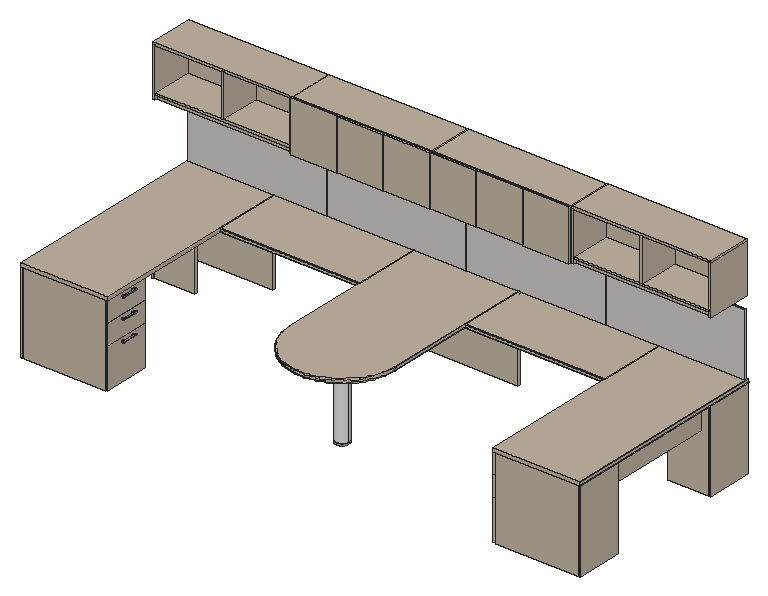
Revit family "JSI-Vision-Typical_Laminate-VST115", category Furniture, Revit 2020 (continued)
Definition of nested family "JSI-Vision-Bullet_Peninsula_Desk"
  Forms (in)
    Extrusion 5, solid, material <- "Support Finish"
      sketch origin (0, -20, 0) x (1, 0, 0) y (0, 0, 1)
        loop
          line (7.67342, 27.81089) -> (10.2082, 27.81089) -> (10.2082, 28) -> (7.67503, 28)
          arc (7.67503, 28) -> (7.54348, 27.97383) -> (7.43196, 27.89932) r 0.34375
      from -1.5005 to -0.5005
  Cuts and joins
    joined: Extrusion 1, Sweep 3
  Lines and regions (in)
    symbolic lines
      curve 1: line (0.875, -15.374, 0) -> (9.875, -15.374, 0)
      curve 2: line (9.875, -15.374, 0) -> (9.875, -14.624, 0)
      curve 3: line (9.875, -14.624, 0) -> (0.875, -14.624, 0)
      curve 7: line (0, 0, 0) -> (51, 0, 0)
      curve 8: line (0, -29.999, 0) -> (0, 0, 0)
      curve 9: line (51, -29.999, 0) -> (0, -29.999, 0)
      curve 10: arc (51, 0, 0) -> (65.9995, -14.9995, 0) -> (51, -29.999, 0) r 14.9995
      curve 11: line (0.125, -0.187, 0) -> (0.875, -0.187, 0)
      curve 12: line (0.125, -29.811, 0) -> (0.125, -0.187, 0)
      curve 13: line (0.875, -29.811, 0) -> (0.125, -29.811, 0)
      curve 14: line (0.875, -0.187, 0) -> (0.875, -29.811, 0)
    sketch lines
      curve 4: line (0, -29.874, 29.1875) -> (51.001, -29.874, 29.1875)
      curve 5: arc (51.001, -0.125, 29.1875) -> (65.8755, -14.9995, 29.1875) -> (51.001, -29.874, 29.1875) r 14.8745
      curve 6: line (51.001, -0.125, 29.1875) -> (0, -0.125, 29.1875)
  Dimensions and locks (in)
    "Width": plane 3 "Center Left/Right" to plane 5
    "Depth": plane 7 to plane 1 "Center Front/Back"
    "Height": plane 6 to plane 4
    locked: Extrusion 1 to Extrusion 1 at 1.1875
    equal spacing: plane 7, plane 8, plane 1 "Center Front/Back"
    equal spacing: plane 3 "Center Left/Right", plane 9, plane 5
    locked: plane 3 "Center Left/Right" to plane 10 at 0.875
    locked: Extrusion 2 to Extrusion 2 at 0.75
    equal spacing: plane 12, plane 8, plane 11, locked at 0.375 each
    locked: plane 11 to plane 8 at 0.375
    locked: Extrusion 1 sketch curve to plane 5 at 0.1245
    locked: curve 10 to plane 5 at 0.0005
    "leg Pstn": plane 13 to plane 5
    plane 6 to Extrusion 4 sketch curve to Extrusion 4 sketch curve to Extrusion 4 sketch curve to Extrusion 4 sketch curve to Extrusion 4 sketch curve = 1 3/16" locked, 0.18911" locked, 5/32" locked, 6.45426" locked, 2.5327" locked
    plane 10 to Extrusion 4 sketch curve to Extrusion 4 sketch curve to Extrusion 4 sketch curve to Extrusion 4 sketch curve = 0.18999" locked, 0.15278" locked, 6.45565" locked, 2.53478" locked
    plane 6 to Extrusion 5 sketch curve to Extrusion 5 sketch curve to Extrusion 5 sketch curve to Extrusion 5 sketch curve to Extrusion 5 sketch curve = 1 3/16" locked, 0.18911" locked, 5/32" locked, 6.45426" locked, 2.5327" locked
    plane 10 to Extrusion 5 sketch curve to Extrusion 5 sketch curve to Extrusion 5 sketch curve to Extrusion 5 sketch curve = 0.18999" locked, 0.15278" locked, 6.45565" locked, 2.53478" locked
    Extrusion 4 to Extrusion 4 to plane 8 to Extrusion 5 to Extrusion 5 = 1" locked, 3 1/2" locked, 3 1/2" locked, 1" locked
    aligned and locked: level to plane 2
    aligned and locked: Extrusion 1 to plane 3 "Center Left/Right"
    aligned and locked: curve 7 to cut or joined group of Extrusion 1, Sweep 3
    aligned and locked: curve 8 to cut or joined group of Extrusion 1, Sweep 3
    aligned and locked: curve 9 to plane 7
    aligned and locked: Extrusion 4 sketch curve to Extrusion 2
  Automatic sketch dimensions
    curve 14 to plane 10 = 0"
    plane 3 "Center Left/Right" to curve 12 = 1/8"
    curve 1 to plane 12 = 0.0005"
    curve 1 to plane 10 = 9"
    curve 14 to plane 7 = 0.188"
    plane 11 to curve 2 = 0.0005"
    plane 1 "Center Front/Back" to curve 11 = 0.187"
    Extrusion 1 sketch curve to plane 8 = 0"
    Extrusion 1 sketch curve to plane 3 "Center Left/Right" = 0"
    Extrusion 1 sketch curve to plane 13 = 0.0005"
    Extrusion 2 sketch curve to level = 0"
    Extrusion 2 sketch curve to plane 7 = 0.188"
    plane 1 "Center Front/Back" to Extrusion 2 sketch curve = 0.187"
    Extrusion 2 sketch curve to plane 6 = 1 3/16"
    Sweep 3 sketch curve to profile plane = 0"  (x2)
    profile plane to Sweep 3 sketch curve = 1/8"
    Sweep 3 sketch curve to Sweep 3 sketch curve = 15/16"
    Extrusion 4 sketch curve to plane 10 = 0.10039"
    Extrusion 4 sketch curve to Extrusion 4 sketch curve = 0.04535"
    Extrusion 4 sketch curve to Extrusion 4 sketch curve = 0.00205"
    Extrusion 4 sketch curve to plane 6 = 1.28818"
    Extrusion 4 sketch curve to Extrusion 4 sketch curve = 0.24146"
    Extrusion 4 sketch curve to plane 6 = 1.42237"
    Extrusion 4 sketch curve to Extrusion 4 sketch curve = 0.00161"
    Extrusion 4 sketch curve to Extrusion 4 sketch curve = 0.00267"
    plane 10 to Extrusion 5 sketch curve = 0"
    Extrusion 5 sketch curve to plane 10 = 0.10039"
    Extrusion 5 sketch curve to Extrusion 5 sketch curve = 0.04535"
    Extrusion 5 sketch curve to Extrusion 5 sketch curve = 0.00205"
    Extrusion 5 sketch curve to plane 6 = 1.28818"
    Extrusion 5 sketch curve to Extrusion 5 sketch curve = 0.24146"
    Extrusion 5 sketch curve to Extrusion 5 sketch curve = 0.11049"
    Extrusion 5 sketch curve to Extrusion 5 sketch curve = 0.00161"
    Extrusion 5 sketch curve to Extrusion 5 sketch curve = 0.00267"
Definition of nested family "JSI-Vision_Modular_Bridge_Top"
  Parameters (values of type "Type Catalog")
    Worksurface = none
    Width = 36"
    URL = "www.jsifurniture.com"
    Type Comments = ""
    Series = "Vision Casegoods"  # constant formula
    Model = "Type Catalog"
    Material = ""
    Manufacturer = "JSI"  # constant formula
    Keynote = "12500"
    JSI Enviromental Website = "http://www.jsifurniture.com/jsi_sustainability_intro.php"
    Height = 30"
    Grommet Finish = none
    Description = "Type Catalog"
    Depth = 20"
    Default Elevation = 0"
    Assembly Code = "E2020200"
  Reference planes (in)
    plane 1: z = 0
    plane 2 "Center (Left/Right)": x = -36.06413
    plane 3: z = 30
    plane 4: z = 28.8125
    plane 5: y = -9.25
    plane 6 "Center (Front/Back)": y = 10.75
    plane 7: x = -18.06413
    plane 8: x = -0.06413
    plane 9: y = 7.8125
  Forms (in)
    Extrusion 1, solid, material <- "Worksurface"
      sketch origin (-36.06413, 0, 0) x (0, 1, 0) y (0, 0, 1)
        loop
          line (10.75, 28.8125) -> (10.75, 30) -> (-9.125, 30)
          arc (-9.125, 30) -> (-9.21339, 29.96339) -> (-9.25, 29.875) r 0.125
          line (-9.25, 29.875) -> (-9.25, 28.9375)
          arc (-9.25, 28.9375) -> (-9.21339, 28.84911) -> (-9.125, 28.8125) r 0.125
          line (-9.125, 28.8125) -> (10.75, 28.8125)
      from 0 to 36
  Lines and regions (in)
    symbolic lines
      curve 1: line (-36.06413, 10.75, 0) -> (-36.06413, -9.25, 0)
      curve 2: line (-0.06413, 10.75, 0) -> (-36.06413, 10.75, 0)
      curve 3: line (-0.06413, -9.25, 0) -> (-0.06413, 10.75, 0)
      curve 4: line (-36.06413, -9.25, 0) -> (-0.06413, -9.25, 0)
  Dimensions and locks (in)
    "Height": plane 3 to level
    locked: plane 3 to plane 4 at 1.1875
    equal spacing: plane 2 "Center (Left/Right)", plane 7, plane 8
    "Width": plane 2 "Center (Left/Right)" to plane 8
    "Depth": plane 5 to plane 6 "Center (Front/Back)"
    locked: plane 6 "Center (Front/Back)" to plane 9 at 2.9375
    aligned and locked: level to plane 1
    aligned and locked: Extrusion 1 to plane 8
    aligned and locked: curve 1 to Extrusion 1
    aligned and locked: curve 2 to Extrusion 1
    aligned and locked: curve 3 to Extrusion 1
    aligned and locked: curve 4 to plane 5
  Automatic sketch dimensions
    Extrusion 1 sketch curve to plane 5 = 0"
    Extrusion 1 sketch curve to plane 3 = 0"
    Extrusion 1 sketch curve to plane 4 = 0"
    Extrusion 1 sketch curve to plane 6 "Center (Front/Back)" = 0"
    Extrusion 1 sketch curve to Extrusion 1 sketch curve = 1/8"
    plane 5 to Extrusion 1 sketch curve = 1/8"
    curve 1 to plane 2 "Center (Left/Right)" = 0"
    plane 6 "Center (Front/Back)" to curve 3 = 0"
    curve 4 to plane 8 = 0"
Definition of nested family "JSI-Vision-Adj_Bridge_Modesty"
  Parameters (values of type "Modesty for Adj Bridge - Type Catalog Family")
    Width = 40"
    URL = "www.jsifurniture.com"
    Type Comments = ""
    Series = "Vision Casegoods"  # constant formula
    JSI Enviromental Website = "http://www.jsifurniture.com/jsi_sustainability_intro.php"
    Panel = none
    Height-Panel = 9"
    Height = 30"
    Default Elevation = 0"
    Bracket = none
    Model = "Type Catalog"
    Material = ""
    Manufacturer = "JSI"  # constant formula
    Keynote = "12500"  # constant formula
    Description = "Type Catalog"
    Assembly Code = "E2020200"
  Reference planes (in)
    plane 1 "Center Front/Back": y = 0
    plane 2: z = 0
    plane 3 "Center Left/Right": x = 0
    plane 4: z = 30
    plane 5: y = -0.75
    plane 6: x = 20
    plane 7: x = 40
    plane 8: z = 28.8125
    plane 9: x = 8.375
    plane 10: x = 31.625
    plane 11: z = 19.8125
  Forms (in)
    Extrusion 1, solid, material <- "Panel"
      sketch origin (-12, -1, 0) x (1, 0, 0) y (0, 0, -1)
        loop
          line (12, -28.8125) -> (52, -28.8125) -> (52, -19.8125) -> (12, -19.8125) -> (12, -28.8125)
      from 0.25 to 1
    Extrusion 2, solid, material <- "Bracket", detail levels medium+fine
      sketch origin (-12, -1, 0) x (0, -1, 0) y (0, 0, -1)
        loop
          line (1, -28.8125) -> (1, -28.6875) -> (-0.125, -28.6875) -> (-0.125, -22.8125) -> (-0.25, -22.8125) -> (-0.25, -28.8125) -> (1, -28.8125)
      from 20 to 20.75
    Extrusion 3, solid, material <- "Bracket", detail levels medium+fine
      sketch origin (11.625, -1, 0) x (0, -1, 0) y (0, 0, -1)
        loop
          line (1, -28.8125) -> (1, -28.6875) -> (-0.125, -28.6875) -> (-0.125, -22.8125) -> (-0.25, -22.8125) -> (-0.25, -28.8125) -> (1, -28.8125)
      from 8 to 8.75
    Extrusion 4, solid, material <- "Bracket", detail levels medium+fine
      sketch origin (35.25, -1, 0) x (0, -1, 0) y (0, 0, -1)
        loop
          line (1, -28.8125) -> (1, -28.6875) -> (-0.125, -28.6875) -> (-0.125, -22.8125) -> (-0.25, -22.8125) -> (-0.25, -28.8125) -> (1, -28.8125)
      from -4 to -3.25
  Lines and regions (in)
    symbolic lines
      curve 1: line (0, 0, 0) -> (40, 0, 0)
      curve 2: line (0, -0.75, 0) -> (0, 0, 0)
      curve 3: line (40, -0.75, 0) -> (0, -0.75, 0)
      curve 4: line (40, 0, 0) -> (40, -0.75, 0)
  Dimensions and locks (in)
    locked: Extrusion 2 to Extrusion 2 at 0.75
    locked: Extrusion 3 to Extrusion 3 at 0.75
    locked: Extrusion 4 to Extrusion 4 at 0.75
    locked: plane 10 to plane 7 at 8.375
    equal spacing: Extrusion 2, plane 9, Extrusion 2
    equal spacing: Extrusion 4, plane 10, Extrusion 4
    "Height": plane 4 to plane 2
    "Height-Panel": plane 8 to plane 11
    locked: plane 4 to plane 8 at 1.1875
    equal spacing: plane 3 "Center Left/Right", plane 6, plane 7
    "Width": plane 3 "Center Left/Right" to plane 7
    equal spacing: Extrusion 3, plane 6, Extrusion 3
    locked: plane 3 "Center Left/Right" to plane 9 at 8.375
    aligned and locked: level to plane 2
    aligned and locked: Extrusion 1 to plane 5
    aligned and locked: Extrusion 1 to plane 7
    aligned and locked: plane 8 to Extrusion 1
    aligned and locked: plane 8 to Extrusion 2
    aligned and locked: plane 8 to Extrusion 3
    aligned and locked: plane 8 to Extrusion 4
    aligned and locked: curve 3 to Extrusion 1
    aligned and locked: plane 7 to curve 4
    aligned and locked: curve 1 to Extrusion 1
    aligned and locked: Extrusion 1 to plane 11
    aligned and locked: Extrusion 1 to plane 1 "Center Front/Back"
    aligned and locked: Extrusion 1 to plane 3 "Center Left/Right"
  Automatic sketch dimensions
    plane 7 to Extrusion 1 sketch curve = 0"
    Extrusion 1 sketch curve to plane 8 = 0"
    Extrusion 1 sketch curve to Extrusion 1 sketch curve = 9"
    Extrusion 2 sketch curve to plane 5 = 0"
    Extrusion 2 sketch curve to plane 8 = 0"
    Extrusion 2 sketch curve to Extrusion 2 sketch curve = 1/8"
    Extrusion 2 sketch curve to plane 8 = 1/8"
    Extrusion 2 sketch curve to Extrusion 2 sketch curve = 1 1/8"
    Extrusion 2 sketch curve to Extrusion 2 sketch curve = 5 7/8"
    Extrusion 3 sketch curve to plane 5 = 0"
    Extrusion 3 sketch curve to plane 8 = 0"
    Extrusion 3 sketch curve to Extrusion 3 sketch curve = 1/8"
    Extrusion 3 sketch curve to plane 8 = 1/8"
    Extrusion 3 sketch curve to Extrusion 3 sketch curve = 1 1/8"
    Extrusion 3 sketch curve to Extrusion 3 sketch curve = 5 7/8"
    Extrusion 4 sketch curve to plane 5 = 0"
    Extrusion 4 sketch curve to plane 8 = 0"
    Extrusion 4 sketch curve to Extrusion 4 sketch curve = 1/8"
    Extrusion 4 sketch curve to plane 8 = 1/8"
    Extrusion 4 sketch curve to Extrusion 4 sketch curve = 1 1/8"
    Extrusion 4 sketch curve to Extrusion 4 sketch curve = 5 7/8"
    plane 9 to curve 1 = 8 3/8"
    plane 9 to Extrusion 1 sketch curve = 8 3/8"
Definition of nested family "JSI-Vision-Modular_Full_Height_Back_Modular_Pedestal"
  Parameters (values of type "VSV1628MPBK, Modular Full Height Back Panel for Modular Pedestal- Veneer")
    Panel Finish = none
    Width = 16"
    URL = "www.jsifurniture.com"
    Type Comments = ""
    Series = "Vision Casegoods"  # constant formula
    Model = "VSV1628MPBK"
    Material = ""
    Manufacturer = "JSI"  # constant formula
    Keynote = "12500"  # constant formula
    JSI Enviromental Website = "http://www.jsifurniture.com/jsi_sustainability_intro.php"
    Height = 28"
    Description = "Modular Full Height Back Panel for Modular Pedestal- Veneer"
    Depth = 3/4"
    Default Elevation = 0"
    Assembly Code = "E2020200"
  Types (4): name | Width | Model | Description
    VST1628MPBK, Modular Full Height Back Panel for Modular Pedestal- Laminate | 16" | "VST1628MPBK" | "Modular Full Height Back Panel for Modular Pedestal- Laminate"
    VST3628MPBK, Modular Full Height Back Panel for Modular Pedestal- Laminate | 35 7/8" | "VST3628MPBK" | "Modular Full Height Back Panel for Modular Pedestal- Laminate"
    VSV1628MPBK, Modular Full Height Back Panel for Modular Pedestal- Veneer | 16" | "VSV1628MPBK" | "Modular Full Height Back Panel for Modular Pedestal- Veneer"
    VSV3628MPBK, Modular Full Height Back Panel for Modular Pedestal- Veneer | 35 7/8" | "VSV3628MPBK" | "Modular Full Height Back Panel for Modular Pedestal- Veneer"
  Reference planes (in)
    plane 1 "Center Front/Back": y = 0
    plane 2: z = 0
    plane 3 "Center Left/Right": x = 0
    plane 4: z = 28
    plane 5: x = 16
    plane 6: y = -0.75
  Forms (in)
    Extrusion 1, solid, material <- "Panel Finish"
      sketch origin (0, 0, 0) x (1, 0, 0) y (0, 1, 0)
        loop
          line (0, 0) -> (0, -0.75) -> (16, -0.75) -> (16, 0) -> (0, 0)
      from 0 to 28
  Lines and regions (in)
    symbolic lines
      curve 1: line (0, 0, 0) -> (16, 0, 0)
      curve 2: line (0, -0.75, 0) -> (0, 0, 0)
      curve 3: line (16, -0.75, 0) -> (0, -0.75, 0)
      curve 4: line (16, 0, 0) -> (16, -0.75, 0)
  Dimensions and locks (in)
    "Width": plane 3 "Center Left/Right" to plane 5
    "Depth": plane 1 "Center Front/Back" to plane 6
    "Height": plane 4 to plane 2
    aligned and locked: level to plane 2
    aligned and locked: plane 3 "Center Left/Right" to Extrusion 1 sketch curve
    aligned and locked: Extrusion 1 sketch curve to plane 5
    aligned and locked: plane 6 to Extrusion 1 sketch curve
    aligned and locked: plane 1 "Center Front/Back" to Extrusion 1 sketch curve
    aligned and locked: plane 4 to Extrusion 1
    aligned and locked: plane 3 "Center Left/Right" to curve 2
    aligned and locked: curve 4 to plane 5
    aligned and locked: plane 1 "Center Front/Back" to curve 1
    aligned and locked: plane 6 to curve 3
